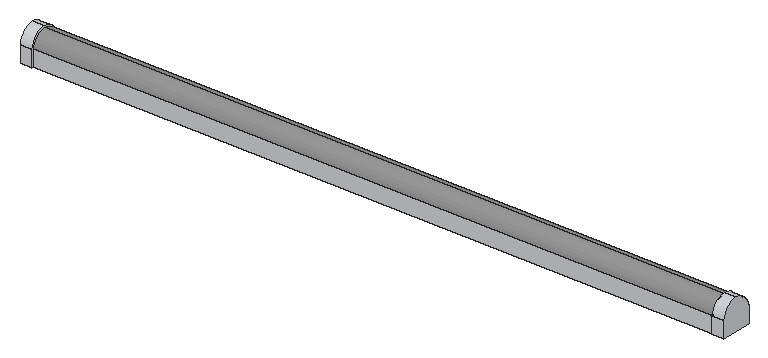
Revit family "0048979 3K LO", category Lighting Fixtures, host Face, Revit 2018
Family settings
  Host = Face
  Round Connector Dimension = Use Diameter
  Part Type = Normal
  OmniClass Number = 23.80.70.00
  OmniClass Title = Lighting
  Cut with Voids When Loaded = No
  Light Source = Yes
  Shared = No
  Room Calculation Point = No
Parameters (values of type "0048979 START BATTEN 1500 4000/7000 830/840")
  box length = 1160 mm
  Weight = "n/a"
  Wattage Comments = ""
  Wattage = 9.2903 W
  WarrantyStartDate [instance] = "n/a"
  WarrantyGuarantorParts = "n/a"
  WarrantyDurationUnit = "n/a"
  WarrantyDurationParts = ""
  WarrantyDescription = "http://www.sylvania-lighting.com"
  built-in parameter 1150110 = 1 (stored number, unit not read)
  Voltage = 0 V
  URL = "0"
  TypeName = "Start Batten 1500 4000/7000lm 830/840"
  Type Image = <None>
  Type Comments = "n/a"
  built-in parameter 1114217 = 1 (stored number, unit not read)
  Tilt Angle = -90.00°
  built-in parameter 1150109 = 1 (stored number, unit not read)
  built-in parameter 1150134 = 3
  built-in parameter 1150113 = 1 (stored number, unit not read)
  SerialNumber [instance] = "n/a"
  Photometric Web File = "0048979_3000K_LO.IES"
  Material_3_SYL = none
  PowerFactor = 0
  PowerConsumption = "Lighting"
  NominalLength = 0 mm
  NominalHeight = 65 mm
  NominalDepth = 64 mm
  Name = "Start Batten 1500 4000/7000lm 830/840"
  ModelReference = Name  # "Start Batten 1500 4000/7000lm 830/840"
  ModelNumber = "0048979"
  Model = Name  # "Start Batten 1500 4000/7000lm 830/840"
  Material = "Feilo Sylvania"
  ManufacturerName = "n/a"
  Manufacturer = ""
  LuminousEfficacy = ""
  built-in parameter 1150105 = 109.82 (stored number, unit not read)
  Lumens = 1380 lm
  LuminaireType = "0"
  built-in parameter 1150115 = 1 (stored number, unit not read)
  LightOutputRatio = "LED"
  built-in parameter 1150137 = (empty or 0)
  built-in parameter 1150139 = (empty or 0)
  LampsType = Lamp  # "n/a"
  LampNominalLuminous = "n/a"
  LampMacAdamStep = "n/a"
  LampColourTemperature = "LED"
  LampColourRenderingIndex = "16500"
  built-in parameter 1150112 = 1 (stored number, unit not read)
  built-in parameter 1150114 = 1 (stored number, unit not read)
  Lamp = "n/a"
  Keynote = "n/a"
  InstallationDate [instance] = "n/a"
  InputVoltage = "0"
  InputNominalFrequency = ""
  built-in parameter 1150132 = (empty or 0)
  built-in parameter 1150102 = (empty or 0)
  built-in parameter 1150107 = 3200 (stored number, unit not read)
  built-in parameter 1150138 = (empty or 0)
  IngressProtection = "IfcLightFixtureType"
  ImpactProtectionIndex = "IfcLightFixtureType"
  built-in parameter 1150106 = 1.0982 (stored number, unit not read)
  IfcExportType = "IfcLightFixtureType"
  IfcExportAs = "n/a"
  Emit from Circle Diameter = 609.6 mm
  Emit Shape Visible in Rendering = no
  ElectricShockClassification = ""
  built-in parameter 1150104 = 13.8 (stored number, unit not read)
  DocumentationLiterature = "http://www.sylvania-lighting.com/product/en-int/products/0048979"
  DimmingControlOptions = "n/a"
  Material_2_SYL = none
  Dimming Lamp Color Temperature Shift = <None>
  Description = "-"
  Default Elevation = 1219.2 mm
  CreatedOn = "21/12/2023"
  CreatedBy = "@sylvania-lighting.com"
  Cost = 0
  Color Filter = 16777215
  built-in parameter 1114216 [instance] = (empty or 0)
  ClassificationValue = "EF_70_80"
  ClassificationName = "Uniclass2015"
  Material_1_SYL = none
  BarCode [instance] = "n/a"
  built-in parameter 1114218 = 1 (stored number, unit not read)
  built-in parameter 1150133 = 10 (stored number, unit not read)
  AssetType = "Fixed"
  AssetIdentifier [instance] = "n/a"
  Assembly Code = "D5020200"
  Apparent Load = 0 VA
  Material_4_SYL = none
Reference planes
  plane 1 "Center (Front/Back)": y = 0
  plane 2: z = 0
  plane 3 "Center (Left/Right)": x = 0
  plane 4: x = 0
  plane 5: x = 0
  plane 6: y = 32.5
  plane 7: y = -32.5
  plane 8: z = 65
  plane 9: z = 34
  plane 10: y = 30.5
  plane 11: y = -30.5
  plane 12: z = 63.008
Forms (mm)
  Extrusion 1, solid, detail levels medium+fine
    sketch origin (319, 1524, 1219.2) x (0, 1, 0) y (0, 0, 1)
      loop
        arc (-1524, -1154.2) -> (-1546.026, -1163.645) -> (-1556.5, -1185.2) r 34.317
        line (-1556.5, -1185.2) -> (-1556.5, -1219.2) -> (-1491.5, -1219.2) -> (-1491.5, -1185.2)
        arc (-1491.5, -1185.2) -> (-1501.974, -1163.645) -> (-1524, -1154.2) r 34.317
    from 406 to 431
  Extrusion 2, solid, detail levels medium+fine
    sketch origin (0, 0, 0) x (1, 0, 0) y (0, 1, 0)
      loop
        line (725, 30.5) -> (-725, 30.5) -> (-725, -30.5) -> (725, -30.5) -> (725, 30.5)
    from 0 to 34
  Extrusion 3, solid, material "Glass, White, High Luminance", detail levels medium+fine
    sketch origin (319, 1524, 1219.2) x (0, 1, 0) y (0, 0, 1)
      loop
        arc (-1493.5, -1185.2) -> (-1503.309, -1164.975) -> (-1524, -1156.192) r 32
        arc (-1524, -1156.192) -> (-1544.691, -1164.975) -> (-1554.5, -1185.2) r 32
        line (-1554.5, -1185.2) -> (-1493.5, -1185.2)
    from -1044 to 406
  Extrusion 4, solid, detail levels medium+fine
    sketch origin (-318.695, 1524, 1219.2) x (0, 1, 0) y (0, 0, -1)
      loop
        arc (-1524, 1154.2) -> (-1501.974, 1163.645) -> (-1491.5, 1185.2) r 34.317
        line (-1491.5, 1185.2) -> (-1491.5, 1219.2) -> (-1556.5, 1219.2) -> (-1556.5, 1185.2)
        arc (-1556.5, 1185.2) -> (-1546.026, 1163.645) -> (-1524, 1154.2) r 34.317
    from 431.305 to 406.305
Dimensions and locks
  "NominalLength": plane 4 to plane 5
  equal spacing: plane 4, plane 3 "Center (Left/Right)", plane 5
  "NominalHeight": plane 6 to plane 7
  equal spacing: plane 6, plane 1 "Center (Front/Back)", plane 7
  "NominalHeight": plane 8 to level
  aligned and locked: plane 2 to host face
  aligned and locked: level to host face
Automatic sketch dimensions
  host sketch curve to host sketch curve = 2438.4 mm  (x2)
  Extrusion 1 sketch curve to level = 0 mm
  Extrusion 1 sketch curve to plane 7 = 0 mm
  Extrusion 1 sketch curve to plane 1 "Center (Front/Back)" = 0 mm
  Extrusion 1 sketch curve to plane 6 = 0 mm
  Extrusion 1 sketch curve to plane 9 = 0 mm  (x2)
  Extrusion 1 sketch curve to plane 8 = 0 mm
  plane 1 "Center (Front/Back)" to Extrusion 1 sketch curve = 1.661 mm
  Extrusion 1 sketch curve to plane 1 "Center (Front/Back)" = 1.661 mm
  Extrusion 2 sketch curve to plane 11 = 0 mm
  Extrusion 2 sketch curve to plane 10 = 0 mm
  plane 4 to Extrusion 2 sketch curve = 725 mm
  Extrusion 2 sketch curve to plane 5 = 725 mm
  Extrusion 3 sketch curve to plane 9 = 0 mm
  Extrusion 3 sketch curve to plane 11 = 0 mm
  Extrusion 3 sketch curve to plane 1 "Center (Front/Back)" = 0 mm
  Extrusion 3 sketch curve to plane 10 = 0 mm
  Extrusion 3 sketch curve to plane 12 = 0 mm
  plane 1 "Center (Front/Back)" to Extrusion 3 sketch curve = 1.363 mm
  Extrusion 3 sketch curve to plane 1 "Center (Front/Back)" = 1.363 mm
  Extrusion 4 sketch curve to level = 0 mm
  Extrusion 4 sketch curve to plane 7 = 0 mm
  Extrusion 4 sketch curve to plane 1 "Center (Front/Back)" = 0 mm
  Extrusion 4 sketch curve to plane 6 = 0 mm
  Extrusion 4 sketch curve to plane 8 = 0 mm
  Extrusion 4 sketch curve to plane 9 = 0 mm  (x2)
  plane 1 "Center (Front/Back)" to Extrusion 4 sketch curve = 1.661 mm
  Extrusion 4 sketch curve to plane 1 "Center (Front/Back)" = 1.661 mm
Connectors
  electrical at (0, 0, 0), driven by "Apparent Load", driven by "PowerFactor", driven by "Voltage"
    settings: index 1, voltage 0 V, apparent load 0 VA, apparent load phase1 0 VA, apparent load phase2 0 VA, apparent load phase3 0 VA, power factor 0, load classification "Lighting", number of poles 1, system type 30, power factor state 1, is connector primary yes, connector utility no, sub classification motor no, connector description ""
